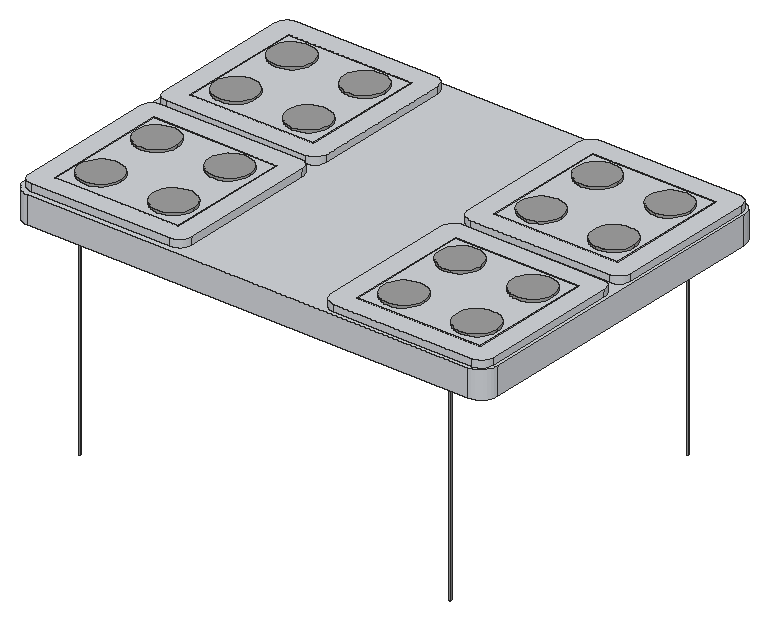
Revit family "Lighting-Industriale-GEWISS-SMART[4]HE_APPARECCHI-LED_4M_DALI", category Apparecchi per illuminazione, Revit 2019
Family settings
  Quota connettore circolare = Usa diametro
  Tipo di parte = Normale
  Numero OmniClass = 23.80.70.00
  Titolo OmniClass = Lighting
  Basato su piano di lavoro = Sì
  Sempre verticale = No
  Taglio con vuoti quando caricato = No
  Sorgente d'illuminazione = No
  Condiviso = No
  Punto di calcolo locali = No
Parameters (values of type "GWS4423AQ857 - SMART4HB 4M C.PAS.DALI ELL.57K")
  Voltaggio = 230 V
  Viti esterne = "Acciaio inox"
  Versione file RFA = "20.11"
  Vano di alimentazione = "Integrato"
  URL = "https://www.gewiss.com/it/it"
  Tolleranza cromatica = "SDCM = 3"
  Tipologia sorgente luminosa = "LED - Non sostituibile"
  Tipo di installazione e montaggio = "Plafone - Parete - Sospensione"
  Tipo di apparecchio = "Riflettore industriale a LED&nbsp;"
  Tensione di alimentazione = "220 - 240 V"
  Temperatura di stoccaggio = "-40 +70 °C"
  Temperatura di esercizio = "-30°C ÷ +50 °C"
  Temperatura di colore = "5700K"
  Superficie massima esposta al vento : = "0,350 m²"
  Spostamento_y_etichetta [instance] = 0 mm
  Spostamento_y_effettivo_etichetta [instance] = 1500 mm - Spostamento_y_etichetta  # 1500 mm
  Spostamento_x_etichetta [instance] = 0 mm
  Spostamento_x_effettivo_etichetta [instance] = 1500 mm - Spostamento_x_etichetta  # 1500 mm
  SostituibilitÃ  piastra di cablaggio = "Non sostituibile"
  SostituibilitÃ  gruppo ottico = "Non sostituibile"
  Sistema di controllo : = "DALI"
  Sistema di controllo = "1 x DALI DT6"
  Schermo = "Vetro Temprato Spessore 4mm"
  Scheda Tecnica = "https://www.gewiss.com/it/it/search?q=GWS4423AQ857"
  SEO = "High bay"
  Resistenza al filo incandescente = "850 °C"
  Resistenza agli urti = "IK08"
  Produttore = "GEWISS S.p.A."
  Potenza di sistema = "189W"
  Peso (kg): = "13,5"
  Ottica = "Ellittica"
  Offset etichetta W [instance] = 150 mm
  Norma di riferimento = "EN 60598-1 ; EN 60598-2-1 ; EN 60598-2-24"
  Modello = "GWS4423AQ857"
  Materiali = "-"
  Lumen output (lm) = "25100"
  Lampada = "LED"
  Installazione e manutenzione = "-"
  Informazioni generali = "-"
  Indice di resa cromatica = "CRI-80"
  Inclinazione = "Con accessorio staffa"
  Immagine tipo = GWL1371.jpg
  IPEA = "-"
  IFC.TypeObject = ""
  IFC.ExportType = ""
  IFC.ExportAs = ""
  IDT = "a901a3df6c4a4f48b998655520b49dfe"
  IDF = "714807ad-973c-443e-97dc-ae7f07b51596"
  Guarnizioni = "tipo siliconico antinvecchiamento "
  Gruppo ottico = "Riflettore in PC metallizzato e lenti in PMMA"
  Grado di protezione = "IP66"
  Garanzia = "5 anni"
  Gancio di chiusura = "-"
  Frequenza nominale (Hz) = "50/60 Hz"
  Fissaggio = "-"
  Finitura colore = "Grigio RAL 7035"
  Etichetta wattaggio [instance] = yes
  Spessore plafoniera = 40 mm  # constant formula
  Default Elevation = 1219.2 mm
  Proiettsmart4_simb [instance] = yes
  Plafoniera_bidimensionale [instance] = not(Proiettsmart4_simb)  # no
  Efficienza luminosa (lm/W) = "133"
  Durata di vita = "L90B10 (Tq+25°C) = 100.000 h - L90B10 (Tq+50°C) = 50.000 h"
  Dispositivo di protezione = "DM 6 kV / CM 10 kV"
  Descrizione = "SMART[4]HB 4M C.PAS.DALI ELL.57K"
  Creato da GEWISS S.p.A. = ""
  Corpo = "PA6 “Halogen Free” caricato fibra vetro"
  Controllo abbagliamento e luminanza = "-"
  Contesto = "Illuminazione di industrie e impianti sportivi di grandi dimensioni"
  Commenti sul wattaggio = "194W"
  Colore = "Grigio RAL 7035"
  Codice digitale univoco (Datamatrix) = "Datamatrix"
  Codice Electrocod = "2444"
  Classificazione: = "-"
  Classificazione = Lighting
  Classe isolamento = "I"
  Classe fotobiologica = "RG0"
  Certificazioni e classificazioni = "-"
  Certificazione DIN 18032-3 = "Con Staffa - Kit Funi + morsetto (in approvazione)"
  Catalogo = "LIGHTING"
  Carico apparente = 194 VA
  Lunghezza = 700 mm  # constant formula
  Larghezza = 504 mm  # constant formula
  Distanza_tot_plafoniera [instance] = 300 mm
  Distanza Sorg_Lum = 21.458 mm
  Caratteristiche ottiche e illuminotecniche = "-"
  Caratteristiche elettriche e gestione della luce = "-"
  Cablaggio = "Con connettore stagno Gw connect"
  COBie.Tagnumber = ""
  COBie.CreatedOn = ""
  COBie.CreatebBy = ""
  COBie.ComponentRegisterItemID = ""
  COBie.Component.TagNumber = ""
  COBie.Component.Space = ""
  COBie.Component.SerialNumber = ""
  COBie.Component.InstallationDate = ""
  COBie.Component.Description = ""
  COBie.Component.BarCode = ""
  Applicazione = "Interno"
  Apparecchio a ridotta temperatura superficiale = "Si"
  Alimentatore = "Incluso"
Types (36, lengths in mm): name | Temperatura di colore | Scheda Tecnica | SEO | Ottica | Modello | Lumen output (lm) | IDT | Gruppo ottico | Efficienza luminosa (lm/W) | Descrizione | Controllo abbagliamento e luminanza
  GWS4421AA830 - SMART4HB 4M ST.AL.DALI ARR.30K | "3000K" | "https://www.gewiss.com/it/it/search?q=GWS4421AA830" | "" | "Array" | "GWS4421AA830" | "26700" | "5c6ac801e4314d2d87bb32344bb936b5" | "Riflettore in PC metallizzato" | "141" | "SMART[4]HB 4M ST.AL.DALI ARR.30K" | "UGR - 25"
  GWS4421AA840 - SMART4HB 4M ST.AL.DALI ARR.40K | "4000K" | "https://www.gewiss.com/it/it/search?q=GWS4421AA840" | "" | "Array" | "GWS4421AA840" | "28000" | "566d685c94ee41f982ee1a86fad20bf9" | "Riflettore in PC metallizzato" | "148" | "SMART[4]HB 4M ST.AL.DALI ARR.40K" | "UGR - 25"
  GWS4421AA857 - SMART4HB 4M ST.AL.DALI ARR.57K | "5700K" | "https://www.gewiss.com/it/it/search?q=GWS4421AA857" | "" | "Array" | "GWS4421AA857" | "28000" | "f068347c78c64f38b35a76a95ca626a0" | "Riflettore in PC metallizzato" | "148" | "SMART[4]HB 4M ST.AL.DALI ARR.57K" | "UGR - 25"
  GWS4421AC830 - SMART4HB 4M ST.AL.DALI ASI.30K | "3000K" | "https://www.gewiss.com/it/it/search?q=GWS4421AC830" | "High bay" | "Asimmetrica" | "GWS4421AC830" | "23900" | "90a07f7d9a5f463594086a9afb64cc77" | "Riflettore in PC metallizzato e lenti in PMMA" | "126" | "SMART[4]HB 4M ST.AL.DALI ASI.30K" | "-"
  GWS4421AC840 - SMART4HB 4M ST.AL.DALI ASI.40K | "4000K" | "https://www.gewiss.com/it/it/search?q=GWS4421AC840" | "High bay" | "Asimmetrica" | "GWS4421AC840" | "25100" | "f00aa06f4c1740c99a3ac02e964546b2" | "Riflettore in PC metallizzato e lenti in PMMA" | "133" | "SMART[4]HB 4M ST.AL.DALI ASI.40K" | "-"
  GWS4421AC857 - SMART4HB 4M ST.AL.DALI ASI.57K | "5700K" | "https://www.gewiss.com/it/it/search?q=GWS4421AC857" | "High bay" | "Asimmetrica" | "GWS4421AC857" | "25100" | "5ab9f7a7822e4cddade8824e428cadeb" | "Riflettore in PC metallizzato e lenti in PMMA" | "133" | "SMART[4]HB 4M ST.AL.DALI ASI.57K" | "-"
  GWS4421AF830 - SMART4HB 4M ST.AL.DALI 30° 30K | "3000K" | "https://www.gewiss.com/it/it/search?q=GWS4421AF830" | "" | "30°" | "GWS4421AF830" | "26400" | "70552156a2fb41ecb6be687fb4c91c5e" | "Riflettore in PC metallizzato e lenti in PMMA" | "140" | "SMART[4]HB 4M ST.AL.DALI 30° 30K" | "UGR - 19"
  GWS4421AF840 - SMART4HB 4M ST.AL.DALI 30° 40K | "4000K" | "https://www.gewiss.com/it/it/search?q=GWS4421AF840" | "" | "30°" | "GWS4421AF840" | "27700" | "6d69cfa17c544f52b55d7719815dbec1" | "Riflettore in PC metallizzato e lenti in PMMA" | "147" | "SMART[4]HB 4M ST.AL.DALI 30° 40K" | "UGR - 19"
  GWS4421AF857 - SMART4HB 4M ST.AL.DALI 30° 57K | "5700K" | "https://www.gewiss.com/it/it/search?q=GWS4421AF857" | "" | "30°" | "GWS4421AF857" | "27700" | "01dd56300fa54964bfd10e029400f23b" | "Riflettore in PC metallizzato e lenti in PMMA" | "147" | "SMART[4]HB 4M ST.AL.DALI 30° 57K" | "UGR - 19"
  GWS4421AH830 - SMART4HB 4M ST.AL.DALI 60° 30K | "3000K" | "https://www.gewiss.com/it/it/search?q=GWS4421AH830" | "" | "60°" | "GWS4421AH830" | "26800" | "6918dc99910c45208a1cead40b210aa6" | "Riflettore in PC metallizzato e lenti in PMMA" | "142" | "SMART[4]HB 4M ST.AL.DALI 60° 30K" | "UGR - 19"
  GWS4421AH840 - SMART4HB 4M ST.AL.DALI 60° 40K | "4000K" | "https://www.gewiss.com/it/it/search?q=GWS4421AH840" | "" | "60°" | "GWS4421AH840" | "28100" | "c46c55da2e7c401580aacc0ec8c700ac" | "Riflettore in PC metallizzato e lenti in PMMA" | "149" | "SMART[4]HB 4M ST.AL.DALI 60° 40K" | "UGR - 19"
  GWS4421AH857 - SMART4HB 4M ST.AL.DALI 60° 57K | "5700K" | "https://www.gewiss.com/it/it/search?q=GWS4421AH857" | "" | "60°" | "GWS4421AH857" | "28100" | "382f5edfbc6a4d2ea175d9e7d5ad1919" | "Riflettore in PC metallizzato e lenti in PMMA" | "149" | "SMART[4]HB 4M ST.AL.DALI 60° 57K" | "UGR - 19"
  GWS4421AP830 - SMART4HB 4M ST.AL.DALI 90° 30K | "3000K" | "https://www.gewiss.com/it/it/search?q=GWS4421AP830" | "" | "90°" | "GWS4421AP830" | "27000" | "e3c215b605394f86a154b0f20a53acc3" | "Riflettore in PC metallizzato e lenti in PMMA" | "143" | "SMART[4]HB 4M ST.AL.DALI 90° 30K" | "UGR - 22"
  GWS4421AP840 - SMART4HB 4M ST.AL.DALI 90° 40K | "4000K" | "https://www.gewiss.com/it/it/search?q=GWS4421AP840" | "" | "90°" | "GWS4421AP840" | "28300" | "2403b28063c14de29e8379ad586fb901" | "Riflettore in PC metallizzato e lenti in PMMA" | "150" | "SMART[4]HB 4M ST.AL.DALI 90° 40K" | "UGR - 22"
  GWS4421AP857 - SMART4HB 4M ST.AL.DALI 90° 57K | "5700K" | "https://www.gewiss.com/it/it/search?q=GWS4421AP857" | "" | "90°" | "GWS4421AP857" | "28300" | "aba6bb16347b4967a09046dc5c2d209f" | "Riflettore in PC metallizzato e lenti in PMMA" | "150" | "SMART[4]HB 4M ST.AL.DALI 90° 57K" | "UGR - 22"
  GWS4421AQ830 - SMART4HB 4M ST.AL.DALI ELL.30K | "3000K" | "https://www.gewiss.com/it/it/search?q=GWS4421AQ830" | "High bay" | "Ellittica" | "GWS4421AQ830" | "23900" | "3c588390d9a244caa3f2942bc8b389ee" | "Riflettore in PC metallizzato e lenti in PMMA" | "126" | "SMART[4]HB 4M ST.AL.DALI ELL.30K" | "-"
  GWS4421AQ840 - SMART4HB 4M ST.AL.DALI ELL.40K | "4000K" | "https://www.gewiss.com/it/it/search?q=GWS4421AQ840" | "High bay" | "Ellittica" | "GWS4421AQ840" | "25100" | "69f3c01fa4f94255adf07798c4fbc206" | "Riflettore in PC metallizzato e lenti in PMMA" | "133" | "SMART[4]HB 4M ST.AL.DALI ELL.40K" | "-"
  GWS4421AQ857 - SMART4HB 4M ST.AL.DALI ELL.57K | "5700K" | "https://www.gewiss.com/it/it/search?q=GWS4421AQ857" | "High bay" | "Ellittica" | "GWS4421AQ857" | "25100" | "e517090f74544b6081528aa6823972f8" | "Riflettore in PC metallizzato e lenti in PMMA" | "133" | "SMART[4]HB 4M ST.AL.DALI ELL.57K" | "-"
  GWS4423AA830 - SMART4HB 4M C.PAS.DALI ARR.30K | "3000K" | "https://www.gewiss.com/it/it/search?q=GWS4423AA830" | "" | "Array" | "GWS4423AA830" | "26700" | "67d07da3cd0e4e80994e4571fac127b9" | "Riflettore in PC metallizzato" | "141" | "SMART[4]HB 4M C.PAS.DALI ARR.30K" | "UGR - 25"
  GWS4423AA840 - SMART4HB 4M C.PAS.DALI ARR.40K | "4000K" | "https://www.gewiss.com/it/it/search?q=GWS4423AA840" | "" | "Array" | "GWS4423AA840" | "28000" | "b5a1cb2c2687451bb6c5bb6bbf80a5c1" | "Riflettore in PC metallizzato" | "148" | "SMART[4]HB 4M C.PAS.DALI ARR.40K" | "UGR - 25"
  GWS4423AA857 - SMART4HB 4M C.PAS.DALI ARR.57K | "5700K" | "https://www.gewiss.com/it/it/search?q=GWS4423AA857" | "" | "Array" | "GWS4423AA857" | "28000" | "b2924069e35e4267b12e9107f48e70ff" | "Riflettore in PC metallizzato" | "148" | "SMART[4]HB 4M C.PAS.DALI ARR.57K" | "UGR - 25"
  GWS4423AC830 - SMART4HB 4M C.PAS.DALI ASI.30K | "3000K" | "https://www.gewiss.com/it/it/search?q=GWS4423AC830" | "High bay" | "Asimmetrica" | "GWS4423AC830" | "23900" | "87e7caad6b534d57820d4cc3263a9d57" | "Riflettore in PC metallizzato e lenti in PMMA" | "126" | "SMART[4]HB 4M C.PAS.DALI ASI.30K" | "-"
  GWS4423AC840 - SMART4HB 4M C.PAS.DALI ASI.40K | "4000K" | "https://www.gewiss.com/it/it/search?q=GWS4423AC840" | "High bay" | "Asimmetrica" | "GWS4423AC840" | "25100" | "0de8722eb8df4029869c17b12a371d33" | "Riflettore in PC metallizzato e lenti in PMMA" | "133" | "SMART[4]HB 4M C.PAS.DALI ASI.40K" | "-"
  GWS4423AC857 - SMART4HB 4M C.PAS.DALI ASI.57K | "5700K" | "https://www.gewiss.com/it/it/search?q=GWS4423AC857" | "High bay" | "Asimmetrica" | "GWS4423AC857" | "25100" | "8d4fcf28af3942d8be3789358b29e602" | "Riflettore in PC metallizzato e lenti in PMMA" | "133" | "SMART[4]HB 4M C.PAS.DALI ASI.57K" | "-"
  GWS4423AF830 - SMART4HB 4M C.PAS.DALI 30° 30K | "3000K" | "https://www.gewiss.com/it/it/search?q=GWS4423AF830" | "" | "30°" | "GWS4423AF830" | "26400" | "a10a38d19e2b446a82ca951a0f45aae4" | "Riflettore in PC metallizzato e lenti in PMMA" | "140" | "SMART[4]HB 4M C.PAS.DALI 30° 30K" | "UGR - 19"
  GWS4423AF840 - SMART4HB 4M C.PAS.DALI 30° 40K | "4000K" | "https://www.gewiss.com/it/it/search?q=GWS4423AF840" | "" | "30°" | "GWS4423AF840" | "27700" | "1b08e4f3b94b4ec1a7c46b20d9486d66" | "Riflettore in PC metallizzato e lenti in PMMA" | "147" | "SMART[4]HB 4M C.PAS.DALI 30° 40K" | "UGR - 19"
  GWS4423AF857 - SMART4HB 4M C.PAS.DALI 30° 57K | "5700K" | "https://www.gewiss.com/it/it/search?q=GWS4423AF857" | "" | "30°" | "GWS4423AF857" | "27700" | "50ffa65cb76a4b7a920cb943c781d509" | "Riflettore in PC metallizzato e lenti in PMMA" | "147" | "SMART[4]HB 4M C.PAS.DALI 30° 57K" | "UGR - 19"
  GWS4423AH830 - SMART4HB 4M C.PAS.DALI 60° 30K | "3000K" | "https://www.gewiss.com/it/it/search?q=GWS4423AH830" | "" | "60°" | "GWS4423AH830" | "26800" | "29618502ed654d12bc717609b9d3b962" | "Riflettore in PC metallizzato e lenti in PMMA" | "142" | "SMART[4]HB 4M C.PAS.DALI 60° 30K" | "UGR - 19"
  GWS4423AH840 - SMART4HB 4M C.PAS.DALI 60° 40K | "4000K" | "https://www.gewiss.com/it/it/search?q=GWS4423AH840" | "" | "60°" | "GWS4423AH840" | "28100" | "650a3e011f374b249febb684c8b8b291" | "Riflettore in PC metallizzato e lenti in PMMA" | "149" | "SMART[4]HB 4M C.PAS.DALI 60° 40K" | "UGR - 19"
  GWS4423AH857 - SMART4HB 4M C.PAS.DALI 60° 57K | "5700K" | "https://www.gewiss.com/it/it/search?q=GWS4423AH857" | "" | "60°" | "GWS4423AH857" | "28100" | "e6e22e0db355445f957f4e98b6bb2bde" | "Riflettore in PC metallizzato e lenti in PMMA" | "149" | "SMART[4]HB 4M C.PAS.DALI 60° 57K" | "UGR - 19"
  GWS4423AP830 - SMART4HB 4M C.PAS.DALI 90° 30K | "3000K" | "https://www.gewiss.com/it/it/search?q=GWS4423AP830" | "" | "90°" | "GWS4423AP830" | "27000" | "9c7153243a5f4d468a5243819ee58f52" | "Riflettore in PC metallizzato e lenti in PMMA" | "143" | "SMART[4]HB 4M C.PAS.DALI 90° 30K" | "UGR - 22"
  GWS4423AP840 - SMART4HB 4M C.PAS.DALI 90° 40K | "4000K" | "https://www.gewiss.com/it/it/search?q=GWS4423AP840" | "" | "90°" | "GWS4423AP840" | "28300" | "fe54f268814b4e5b9736c49980309e97" | "Riflettore in PC metallizzato e lenti in PMMA" | "150" | "SMART[4]HB 4M C.PAS.DALI 90° 40K" | "UGR - 22"
  GWS4423AP857 - SMART4HB 4M C.PAS.DALI 90° 57K | "5700K" | "https://www.gewiss.com/it/it/search?q=GWS4423AP857" | "" | "90°" | "GWS4423AP857" | "28300" | "ce82fdc10a914e64a8774922404d38ad" | "Riflettore in PC metallizzato e lenti in PMMA" | "150" | "SMART[4]HB 4M C.PAS.DALI 90° 57K" | "UGR - 22"
  GWS4423AQ830 - SMART4HB 4M C.PAS.DALI ELL.30K | "3000K" | "https://www.gewiss.com/it/it/search?q=GWS4423AQ830" | "High bay" | "Ellittica" | "GWS4423AQ830" | "23900" | "ea0690fa382c451b904a788c6a005684" | "Riflettore in PC metallizzato e lenti in PMMA" | "126" | "SMART[4]HB 4M C.PAS.DALI ELL.30K" | "-"
  GWS4423AQ840 - SMART4HB 4M C.PAS.DALI ELL.40K | "4000K" | "https://www.gewiss.com/it/it/search?q=GWS4423AQ840" | "High bay" | "Ellittica" | "GWS4423AQ840" | "25100" | "b7cbc50f20f74c339fe759140e5ddea9" | "Riflettore in PC metallizzato e lenti in PMMA" | "133" | "SMART[4]HB 4M C.PAS.DALI ELL.40K" | "-"
  GWS4423AQ857 - SMART4HB 4M C.PAS.DALI ELL.57K | "5700K" | "https://www.gewiss.com/it/it/search?q=GWS4423AQ857" | "High bay" | "Ellittica" | "GWS4423AQ857" | "25100" | "a901a3df6c4a4f48b998655520b49dfe" | "Riflettore in PC metallizzato e lenti in PMMA" | "133" | "SMART[4]HB 4M C.PAS.DALI ELL.57K" | "-"
Reference planes
  plane 1 "Asse sorgente illuminazione (F/B)": y = 0
  plane 2 "2": z = 0
  plane 3 "Asse sorgente illuminazione (L/R)": x = 0
  plane 4 "Prospetto sorgente di illuminazione": z = 1500
  plane 5: x = -350
  plane 6: y = 252
  plane 7: x = 350
  plane 8: y = -252
  plane 9: x = 345
  plane 10: x = -345
  plane 11: x = -104.5
  plane 12: x = 104.5
  plane 13: y = 0
  plane 14: y = -1500
  plane 15: z = 300
  plane 16: z = 340
  plane 17: z = 350
  plane 18: x = -1500
  plane 19: x = 0
  plane 20: y = 0
Dimensions and locks
  equal spacing: plane 6, plane 1 "Asse sorgente illuminazione (F/B)", plane 8
  "Larghezza": plane 6 to plane 8
  equal spacing: plane 5, plane 3 "Asse sorgente illuminazione (L/R)", plane 7
  "Lunghezza": plane 5 to plane 7
  locked: plane 5 to plane 10 at 5
  locked: plane 9 to plane 7 at 5
  locked: plane 16 to plane 15 at 40
  plane 17 to plane 16 = 10 mm
  "Distanza_tot_plafoniera": plane 15 to plane 2 "2"
  plane 18 to plane 3 "Asse sorgente illuminazione (L/R)" = 1500 mm
  plane 1 "Asse sorgente illuminazione (F/B)" to plane 14 = 1500 mm
  "Spostamento_y_effettivo_etichetta": plane 20 to plane 14
  "Spostamento_x_effettivo_etichetta": plane 18 to plane 19
  aligned and locked: level to plane 2 "2"
  aligned and locked: plane 5 to nested 1
  aligned and locked: plane 6 to nested 1
  aligned and locked: plane 9 to nested 2  (x2)
  aligned and locked: plane 10 to nested 12
  aligned and locked: nested 1 to plane 15
  aligned and locked: nested 17 to plane 16
  aligned and locked: plane 16 to nested 12
  aligned and locked: plane 16 to nested 7
  aligned and locked: nested 2 to plane 16
  aligned and locked: plane 17 to nested 19
  aligned and locked: nested 21 to plane 17
  aligned and locked: plane 17 to nested 16
  aligned and locked: nested 14 to plane 17
  aligned and locked: plane 17 to nested 18
  aligned and locked: nested 20 to plane 17
  aligned and locked: plane 17 to nested 15
  aligned and locked: nested 13 to plane 17
  aligned and locked: nested 8 to plane 17
  aligned and locked: plane 17 to nested 10
  aligned and locked: nested 5 to plane 17
  aligned and locked: plane 17 to nested 3
  aligned and locked: nested 9 to plane 17
  aligned and locked: plane 17 to nested 11
  aligned and locked: nested 6 to plane 17
  aligned and locked: plane 17 to nested 4
  aligned and locked: nested 22 to plane 2 "2"
  aligned and locked: nested 23 to plane 2 "2"
  aligned and locked: nested 24 to plane 2 "2"
  aligned and locked: nested 25 to plane 2 "2"
  aligned and locked: nested 28 to plane 20
  aligned and locked: nested 28 to plane 19
Nested families
  nested 1: "Struttura_SMART 4" at (0, 0, 340), type "SMART 4 HB - 4 x 4L"
  nested 2: "mascherina_SMART (4)" at (225, 127, 350), type "Maschera_smart (4) 4L", detail levels fine
  nested 3: "Gewis - Led" at (172.217, 179, 353), type "Gewis - Led", detail levels medium+fine
  nested 4: "Gewis - Led" at (280, 179, 353), type "Gewis - Led", detail levels medium+fine
  nested 5: "Gewis - Led" at (172.217, 75, 353), type "Gewis - Led", detail levels medium+fine
  nested 6: "Gewis - Led" at (280, 75, 353), type "Gewis - Led", detail levels medium+fine
  nested 7: "mascherina_SMART (4)" at (225, -127, 350), type "Maschera_smart (4) 4L", detail levels fine
  nested 8: "Gewis - Led" at (172.217, -179, 353), type "Gewis - Led", detail levels medium+fine
  nested 9: "Gewis - Led" at (280, -179, 353), type "Gewis - Led", detail levels medium+fine
  nested 10: "Gewis - Led" at (172.217, -75, 353), type "Gewis - Led", detail levels medium+fine
  nested 11: "Gewis - Led" at (280, -75, 353), type "Gewis - Led", detail levels medium+fine
  nested 12: "mascherina_SMART (4)" at (-225, 127, 350) x (-1, 0, 0) z (0, 0, 1), type "Maschera_smart (4) 4L", detail levels fine
  nested 13: "Gewis - Led" at (-172.217, 179, 353) x (-1, 0, 0) z (0, 0, 1), type "Gewis - Led", detail levels medium+fine
  nested 14: "Gewis - Led" at (-280, 179, 353) x (-1, 0, 0) z (0, 0, 1), type "Gewis - Led", detail levels medium+fine
  nested 15: "Gewis - Led" at (-172.217, 75, 353) x (-1, 0, 0) z (0, 0, 1), type "Gewis - Led", detail levels medium+fine
  nested 16: "Gewis - Led" at (-280, 75, 353) x (-1, 0, 0) z (0, 0, 1), type "Gewis - Led", detail levels medium+fine
  nested 17: "mascherina_SMART (4)" at (-225, -123, 350) x (-1, 0, 0) z (0, 0, 1), type "Maschera_smart (4) 4L", detail levels fine
  nested 18: "Gewis - Led" at (-172.217, -175, 353) x (-1, 0, 0) z (0, 0, 1), type "Gewis - Led", detail levels medium+fine
  nested 19: "Gewis - Led" at (-280, -175, 353) x (-1, 0, 0) z (0, 0, 1), type "Gewis - Led", detail levels medium+fine
  nested 20: "Gewis - Led" at (-172.217, -71, 353) x (-1, 0, 0) z (0, 0, 1), type "Gewis - Led", detail levels medium+fine
  nested 21: "Gewis - Led" at (-280, -71, 353) x (-1, 0, 0) z (0, 0, 1), type "Gewis - Led", detail levels medium+fine
  nested 22: "Sospensione_ SMART LAB 4" at (274.338, -220.687, 0), Altezza sospensione <- "Distanza_tot_plafoniera", type "Sospensione_ SMART LAB 4"
    with Altezza sospensione 300 mm
  nested 23: "Sospensione_ SMART LAB 4" at (274.338, 219.313, 0), Altezza sospensione <- "Distanza_tot_plafoniera", type "Sospensione_ SMART LAB 4"
    with Altezza sospensione 300 mm
  nested 24: "Sospensione_ SMART LAB 4" at (-274.338, -220.687, 0), Altezza sospensione <- "Distanza_tot_plafoniera", type "Sospensione_ SMART LAB 4"
    with Altezza sospensione 300 mm
  nested 25: "Sospensione_ SMART LAB 4" at (-274.338, 219.313, 0), Altezza sospensione <- "Distanza_tot_plafoniera", type "Sospensione_ SMART LAB 4"
    with Altezza sospensione 300 mm
  nested 26: "Rappr_ bidimensionale" at (0, 0, 0), visible <- "Plafoniera_bidimensionale", type "4 X4 LED"
  nested 27: "PROIETTSMART - 4" at (0, 0, 0), visible <- "Proiettsmart4_simb", type "PROIETTSMART - 4"
  nested 28: "ETICHETTA LIGHT" at (0, 0, 0), type "ETICHETTA LIGHT"
Connectors
  electrical at (0.009, -0.098, 300), driven by "Classificazione", driven by "Carico apparente"
    settings: on nested 1, index 1, voltage 230 V, apparent load 0 VA, apparent load phase1 194 VA, apparent load phase2 0 VA, apparent load phase3 0 VA, power factor 1, load classification "Lighting", number of poles 2, system type 31, power factor state 1, is connector primary yes, connector utility no, sub classification motor no, connector description ""
Definition of nested family "Struttura_SMART 4"
  Parameters (values of type "SMART 4 HB - 4 x 4L")
    Struttura plafoniera = none
    Spessore_plafoniera = 40 mm
    Lunghezza = 700 mm
    Larghezza = 504 mm
  Types (2, lengths in mm): name | Lunghezza | Larghezza
    SMART 4 HB - 4+4L | 699 | 254
    SMART 4 HB - 4 x 4L | 700 | 504
  Reference planes
    plane 1 "Asse sorgente illuminazione (F/B)": y = 0
    plane 2: z = 0
    plane 3 "Asse sorgente illuminazione (L/R)": x = 0
    plane 4 "Prospetto sorgente di illuminazione": z = -40
    plane 5 "SX": x = -350
    plane 6 "DX": x = 350
    plane 7 "DIETRO": y = 252
    plane 8 "AVANTI": y = -252
    plane 9: x = 107
    plane 10: x = 339
    plane 11: y = -241
    plane 12: y = 241
    plane 13: x = -339
    plane 14: x = -107
  Forms (mm)
    Extrusion 1, solid, material <- "Struttura plafoniera"
      sketch origin (0, 0, 0) x (1, 0, 0) y (0, 1, 0)
        loop
          line (350, -227.595) -> (350, 227.59)
          arc (350, 227.59) -> (342.85, 244.85) -> (325.59, 252) r 24.41
          line (325.59, 252) -> (-325.509, 252)
          arc (-325.509, 252) -> (-343.054, 244.6) -> (-350, 226.871) r 24.499
          line (-350, 226.871) -> (-350, -227.592)
          arc (-350, -227.592) -> (-342.851, -244.851) -> (-325.592, -252) r 24.408
          line (-325.592, -252) -> (325.617, -252)
          arc (325.617, -252) -> (342.834, -244.868) -> (349.965, -227.652) r 24.348
      from -40 to 0
  Dimensions and locks
    equal spacing: plane 5 "SX", plane 3 "Asse sorgente illuminazione (L/R)", plane 6 "DX"
    equal spacing: plane 7 "DIETRO", plane 1 "Asse sorgente illuminazione (F/B)", plane 8 "AVANTI"
    "Lunghezza": plane 5 "SX" to plane 6 "DX"
    "Larghezza": plane 7 "DIETRO" to plane 8 "AVANTI"
    locked: plane 7 "DIETRO" to plane 12 at 11
    locked: plane 11 to plane 8 "AVANTI" at 11
    locked: plane 10 to plane 6 "DX" at 11
    locked: plane 9 to plane 10 at 232
    plane 13 to plane 14 = 232 mm
    locked: plane 5 "SX" to plane 13 at 11
    "Spessore_plafoniera": plane 2 to plane 4 "Prospetto sorgente di illuminazione"
    aligned and locked: level to plane 2
    aligned and locked: Extrusion 1 to plane 5 "SX"
    aligned and locked: Extrusion 1 to plane 8 "AVANTI"  (x2)
    aligned and locked: plane 7 "DIETRO" to Extrusion 1
    aligned and locked: plane 6 "DX" to Extrusion 1
    aligned and locked: plane 4 "Prospetto sorgente di illuminazione" to Extrusion 1
    aligned and locked: plane 2 to Extrusion 1
  Automatic sketch dimensions
    Extrusion 1 sketch curve to plane 5 "SX" = 0 mm
    Extrusion 1 sketch curve to plane 8 "AVANTI" = 0 mm
    Extrusion 1 sketch curve to plane 7 "DIETRO" = 0 mm
    Extrusion 1 sketch curve to plane 6 "DX" = 0 mm
    plane 13 to Extrusion 1 sketch curve = 13.408 mm
    plane 13 to Extrusion 1 sketch curve = 13.491 mm
    Extrusion 1 sketch curve to plane 10 = 13.41 mm
    Extrusion 1 sketch curve to plane 10 = 13.383 mm
    plane 11 to Extrusion 1 sketch curve = 13.348 mm
    Extrusion 1 sketch curve to plane 12 = 14.129 mm
    Extrusion 1 sketch curve to Extrusion 1 sketch curve = 0.056 mm
Definition of nested family "mascherina_SMART (4)"
  Parameters (values of type "Maschera_smart (4) 4L")
    Spessore_mascherina = 10 mm
    Default Elevation = 1219.2 mm
    N.intarsi = (Lunghezza_mascherina - (Bordo * 2)) / 15 mm  # 12
    N._intarsi verticale = (Larghezza_mascherina - (Bordo * 2)) / 17 mm  # 11
    Mascherina = none
    Lunghezza_mascherina = 240 mm
    Larghezza_mascherina = 240 mm
    Distanza_intarsi v. = 41 mm  # constant formula
    Distanza_intarsi = 37 mm  # constant formula
    Bordo = 29 mm
  Reference planes
    plane 1 "Centro (Fronte/Retro)": y = 0
    plane 2: z = 0
    plane 3 "Centro (Sinistra/Destra)": x = 0
    plane 4: x = -120
    plane 5 "Dietro": y = 120
    plane 6: x = 120
    plane 7: y = -120
    plane 8: x = -91
    plane 9: y = -91
    plane 10: x = 91
    plane 11: y = 91
    plane 12: x = -83
    plane 13: y = 94.742
    plane 14: y = -95
    plane 15: z = -10
    plane 16: x = -95
    plane 17: y = 79
    plane 18: y = -79
    plane 19: x = 95
    plane 20: z = -4.799
  Forms (mm)
    Extrusion 1, solid, material <- "Mascherina"
      sketch origin (0, 0, 0) x (1, 0, 0) y (0, 1, 0)
        loop
          arc (-102.5, 120) -> (-114.874, 114.874) -> (-120, 102.5) r 17.5
          line (-120, 102.5) -> (-120, -102.5)
          arc (-120, -102.5) -> (-114.874, -114.874) -> (-102.5, -120) r 17.5
          line (-102.5, -120) -> (102.5, -120)
          arc (102.5, -120) -> (114.874, -114.874) -> (120, -102.5) r 17.5
          line (120, -102.5) -> (120, 102.5)
          arc (120, 102.5) -> (114.874, 114.874) -> (102.5, 120) r 17.5
          line (102.5, 120) -> (-102.5, 120)
        loop
          line (-91, 91) -> (-91, -91) -> (91, -91) -> (91, 91) -> (-91, 91)
      from -10 to 0
    Extrusion 2, solid, material <- "Mascherina"
      sketch origin (0, 0, 0) x (1, 0, 0) y (0, 1, 0)
        loop
          line (-91, 91) -> (-91, -91) -> (91, -91) -> (91, 91) -> (-91, 91)
      from -4.799 to 0
  Dimensions and locks
    equal spacing: plane 4, plane 3 "Centro (Sinistra/Destra)", plane 6
    "Lunghezza_mascherina": plane 4 to plane 6
    equal spacing: plane 5 "Dietro", plane 1 "Centro (Fronte/Retro)", plane 7
    "Larghezza_mascherina": plane 5 "Dietro" to plane 7
    "Bordo": plane 4 to plane 8
    "Bordo": plane 9 to plane 7
    "Bordo": plane 5 "Dietro" to plane 11
    "Bordo": plane 10 to plane 6
    "Distanza_intarsi": plane 4 to plane 12
    locked: plane 13 to plane 11 at 3.742
    "Spessore_mascherina": plane 2 to plane 15
    "Distanza_intarsi v.": plane 5 "Dietro" to plane 17
    "Distanza_intarsi v.": plane 18 to plane 7
    locked: plane 9 to plane 14 at 4
    locked: plane 16 to plane 8 at 4
    locked: plane 10 to plane 19 at 4
    locked: plane 2 to plane 20 at 4.799
    radius of Extrusion 1 sketch curve = 17.5 mm  (x4)
    aligned and locked: level to plane 2
    aligned and locked: plane 4 to Extrusion 1 sketch curve
    aligned and locked: plane 6 to Extrusion 1 sketch curve
    aligned and locked: Extrusion 1 sketch curve to plane 5 "Dietro"
    aligned and locked: Extrusion 1 sketch curve to plane 7
    aligned and locked: Extrusion 1 sketch curve to plane 11
    aligned and locked: plane 8 to Extrusion 1 sketch curve
    aligned and locked: plane 9 to Extrusion 1 sketch curve
    aligned and locked: Extrusion 1 sketch curve to plane 10
    aligned and locked: plane 2 to Extrusion 1
    aligned and locked: Extrusion 1 to plane 15
    aligned and locked: Extrusion 2 sketch curve to plane 10
    aligned and locked: plane 9 to Extrusion 2 sketch curve
    aligned and locked: plane 8 to Extrusion 2 sketch curve
    aligned and locked: Extrusion 2 sketch curve to plane 11
    aligned and locked: plane 2 to Extrusion 2
    aligned and locked: Extrusion 2 to plane 20
Definition of nested family "Gewis - Led"
  Parameters (values of type "Gewis - Led")
    Vetro = none
    Raggio led = 30 mm
    Default Elevation = 1219.2 mm
    Estensione vetro = 3 mm
  Reference planes
    plane 1 "Centro (Fronte/Retro)": y = 0
    plane 2: z = 0
    plane 3 "Centro (Sinistra/Destra)": x = 0
  Forms (mm)
    Extrusion 1, solid, material <- "Vetro"
      sketch origin (0, 0, 0) x (1, 0, 0) y (0, 1, 0)
        loop
          circle (0, 0) r 30
      from -3 to 0
  Dimensions and locks
    "Estensione vetro": level to Extrusion 1
    "Raggio led": radius of Extrusion 1 sketch curve
    aligned and locked: level to plane 2
    aligned and locked: level to Extrusion 1
  Automatic sketch dimensions
    plane 1 "Centro (Fronte/Retro)" to Extrusion 1 sketch curve = 0 mm
    Extrusion 1 sketch curve to plane 3 "Centro (Sinistra/Destra)" = 0 mm
Definition of nested family "Sospensione_ SMART LAB 4"
  Parameters (values of type "Sospensione_ SMART LAB 4")
    Default Elevation = 1219.2 mm
    Altezza sospensione [instance] = 500 mm
  Reference planes
    plane 1 "Center (Front/Back)": y = 0
    plane 2: z = 0
    plane 3 "Center (Left/Right)": x = 0
    plane 4: z = 500
  Forms (mm)
    Extrusion 1, solid
      sketch origin (0, 0, 0) x (1, 0, 0) y (0, 1, 0)
        loop
          circle (0, -0.028) r 1.25
      from 0 to 500
  Lines and regions (mm)
    model lines, not visible
      curve 1: line (0, 0, 0) -> (0, 0, 9.482)
  Dimensions and locks
    "Altezza sospensione": plane 4 to level
    plane 4 to plane 2 = 500 mm
    aligned and locked: level to plane 2
    aligned and locked: plane 4 to Extrusion 1
    aligned and locked: Extrusion 1 to plane 2
  Automatic sketch dimensions
    Extrusion 1 sketch curve to plane 3 "Center (Left/Right)" = 0 mm
    plane 1 "Center (Front/Back)" to Extrusion 1 sketch curve = 0.028 mm
    curve 1 to plane 3 "Center (Left/Right)" = 0 mm
    curve 1 to level = 0 mm
    curve 1 to curve 1 = 9.482 mm
    radius of Extrusion 1 sketch curve = 1.25 mm
Definition of nested family "Rappr_ bidimensionale"
  Parameters (values of type "4 X4 LED")
    5 LED = no
    4 LED = not([5 LED])  # yes
  Reference planes
    plane 1 "Centro (Fronte/Retro)": y = 0
    plane 2: z = 0
    plane 3 "Centro (Sinistra/Destra)": x = 0
  Lines and regions (mm)
    model lines, in view "Livello rif.", visible <- "4 LED"
      curve 1: circle (176.124, 171.566, 0) r 28.619 normal (0, 0, 1)
      curve 2: circle (270.124, 77.566, 0) r 28.619 normal (0, 0, 1)
      curve 3: circle (176.124, 77.566, 0) r 28.619 normal (0, 0, 1)
      curve 4: circle (270.124, 171.566, 0) r 28.619 normal (0, 0, 1)
      curve 5: circle (-175.025, 77.434, 0) r 28.619 normal (0, 0, 1)
      curve 6: circle (-269.025, 171.434, 0) r 28.619 normal (0, 0, 1)
      curve 7: circle (-175.025, 171.434, 0) r 28.619 normal (0, 0, 1)
      curve 8: circle (-269.025, 77.434, 0) r 28.619 normal (0, 0, 1)
      curve 9: circle (-175.025, -171.611, 0) r 28.619 normal (0, 0, 1)
      curve 10: circle (-269.025, -77.611, 0) r 28.619 normal (0, 0, 1)
      curve 11: circle (-175.025, -77.611, 0) r 28.619 normal (0, 0, 1)
      curve 12: circle (-269.025, -171.611, 0) r 28.619 normal (0, 0, 1)
      curve 13: circle (176.124, -77.434, 0) r 28.619 normal (0, 0, 1)
      curve 14: circle (270.124, -171.434, 0) r 28.619 normal (0, 0, 1)
      curve 15: circle (176.124, -171.434, 0) r 28.619 normal (0, 0, 1)
      curve 16: circle (270.124, -77.434, 0) r 28.619 normal (0, 0, 1)
    model lines, in view "Livello rif."
      curve 17: arc (-326.07, 251.865, 0) -> (-342.562, 245.006, 0) -> (-349.39, 228.5, 0) r 23.365
      curve 18: arc (350.489, 228.546, 0) -> (343.613, 245.054, 0) -> (327.079, 251.865, 0) r 23.365
      curve 19: arc (327.098, -251.865, 0) -> (343.653, -245.015, 0) -> (350.489, -228.454, 0) r 23.365
      curve 20: arc (-349.39, -228.5, 0) -> (-342.555, -245.013, 0) -> (-326.05, -251.865, 0) r 23.365
      curve 21: arc (-102.728, -20.5, 0) -> (-107.214, -9.678, 0) -> (-118.041, -5.203, 0) r 15.297
      curve 22: arc (-118.041, 5.203, 0) -> (-107.214, 9.678, 0) -> (-102.728, 20.5, 0) r 15.297
      curve 23: arc (-118.041, -243.797, 0) -> (-107.214, -239.322, 0) -> (-102.728, -228.5, 0) r 15.297
      curve 24: arc (327.107, 5.203, 0) -> (337.947, 9.69, 0) -> (342.421, 20.535, 0) r 15.297
      curve 25: arc (103.827, 20.465, 0) -> (108.314, 9.677, 0) -> (119.107, 5.203, 0) r 15.297
      curve 26: arc (119.089, 243.797, 0) -> (108.308, 239.316, 0) -> (103.827, 228.535, 0) r 15.297
      curve 27: arc (342.421, 228.535, 0) -> (337.916, 239.341, 0) -> (327.089, 243.797, 0) r 15.297
      curve 28: arc (-341.321, 20.535, 0) -> (-336.859, 9.702, 0) -> (-326.041, 5.203, 0) r 15.297
      curve 29: arc (-326.059, 243.797, 0) -> (-336.865, 239.292, 0) -> (-341.321, 228.465, 0) r 15.297
      curve 30: arc (-102.728, 228.5, 0) -> (-107.22, 239.329, 0) -> (-118.059, 243.797, 0) r 15.297
      curve 31: arc (342.421, -20.465, 0) -> (337.922, -9.666, 0) -> (327.107, -5.203, 0) r 15.297
      curve 32: arc (327.107, -243.797, 0) -> (337.947, -239.31, 0) -> (342.421, -228.465, 0) r 15.297
      curve 33: arc (103.827, -228.535, 0) -> (108.314, -239.323, 0) -> (119.107, -243.797, 0) r 15.297
      curve 34: arc (119.107, -5.203, 0) -> (108.314, -9.677, 0) -> (103.827, -20.465, 0) r 15.297
      curve 35: arc (-341.321, -228.465, 0) -> (-336.859, -239.298, 0) -> (-326.041, -243.797, 0) r 15.297
      curve 36: arc (-326.041, -5.203, 0) -> (-336.859, -9.702, 0) -> (-341.321, -20.535, 0) r 15.297
      curve 37: line (130.624, 32, 0) -> (130.624, 217, 0)
      curve 38: line (130.624, 217, 0) -> (315.624, 217, 0)
      curve 39: line (315.624, 217, 0) -> (315.624, 32, 0)
      curve 40: line (315.624, 32, 0) -> (130.624, 32, 0)
      curve 41: line (-129.525, 32, 0) -> (-314.525, 32, 0)
      curve 42: line (-314.525, 32, 0) -> (-314.525, 217, 0)
      curve 43: line (-314.525, 217, 0) -> (-129.525, 217, 0)
      curve 44: line (-129.525, 217, 0) -> (-129.525, 32, 0)
      curve 45: line (-129.525, -217.045, 0) -> (-314.525, -217.045, 0)
      curve 46: line (-314.525, -217.045, 0) -> (-314.525, -32.045, 0)
      curve 47: line (-314.525, -32.045, 0) -> (-129.525, -32.045, 0)
      curve 48: line (-129.525, -32.045, 0) -> (-129.525, -217.045, 0)
      curve 49: line (130.624, -217, 0) -> (130.624, -32, 0)
      curve 50: line (130.624, -32, 0) -> (315.624, -32, 0)
      curve 51: line (315.624, -32, 0) -> (315.624, -217, 0)
      curve 52: line (315.624, -217, 0) -> (130.624, -217, 0)
      curve 53: line (-349.39, 228.5, 0) -> (-349.39, -228.5, 0)
      curve 54: line (327.079, 251.865, 0) -> (-326.07, 251.865, 0)
      curve 55: line (350.489, -228.454, 0) -> (350.489, 228.546, 0)
      curve 56: line (327.098, -251.865, 0) -> (-326.05, -251.865, 0)
      curve 57: line (-102.728, -228.5, 0) -> (-102.728, -20.5, 0)
      curve 58: line (-326.041, -5.203, 0) -> (-118.041, -5.203, 0)
      curve 59: line (-102.728, 20.5, 0) -> (-102.728, 228.5, 0)
      curve 60: line (-326.041, 5.203, 0) -> (-118.041, 5.203, 0)
      curve 61: line (119.107, 5.203, 0) -> (327.107, 5.203, 0)
      curve 62: line (103.827, 20.465, 0) -> (103.827, 228.535, 0)
      curve 63: line (119.089, 243.797, 0) -> (327.089, 243.797, 0)
      curve 64: line (342.421, 20.535, 0) -> (342.421, 228.535, 0)
      curve 65: line (-341.321, 20.535, 0) -> (-341.321, 228.465, 0)
      curve 66: line (-326.059, 243.797, 0) -> (-118.059, 243.797, 0)
      curve 67: line (119.107, -5.203, 0) -> (327.107, -5.203, 0)
      curve 68: line (342.421, -228.465, 0) -> (342.421, -20.465, 0)
      curve 69: line (119.107, -243.797, 0) -> (327.107, -243.797, 0)
      curve 70: line (103.827, -228.535, 0) -> (103.827, -20.465, 0)
      curve 71: line (-326.041, -243.797, 0) -> (-118.041, -243.797, 0)
      curve 72: line (-341.321, -228.465, 0) -> (-341.321, -20.535, 0)
    detail lines, in view "Livello rif.", visible <- "5 LED"
      curve 73: circle (-223.979, 122.48, 0) r 28.619 normal (0, 0, 1)
      curve 74: circle (-175.025, 77.434, 0) r 28.619 normal (0, 0, 1)
      curve 75: circle (-269.025, 171.434, 0) r 28.619 normal (0, 0, 1)
      curve 76: circle (-175.025, 171.434, 0) r 28.619 normal (0, 0, 1)
      curve 77: circle (-269.025, 77.434, 0) r 28.619 normal (0, 0, 1)
      curve 78: circle (176.124, 171.566, 0) r 28.619 normal (0, 0, 1)
      curve 79: circle (270.124, 77.566, 0) r 28.619 normal (0, 0, 1)
      curve 80: circle (176.124, 77.566, 0) r 28.619 normal (0, 0, 1)
      curve 81: circle (270.124, 171.566, 0) r 28.619 normal (0, 0, 1)
      curve 82: circle (-175.025, -171.611, 0) r 28.619 normal (0, 0, 1)
      curve 83: circle (-269.025, -77.611, 0) r 28.619 normal (0, 0, 1)
      curve 84: circle (-175.025, -77.611, 0) r 28.619 normal (0, 0, 1)
      curve 85: circle (-269.025, -171.611, 0) r 28.619 normal (0, 0, 1)
      curve 86: circle (176.124, -77.434, 0) r 28.619 normal (0, 0, 1)
      curve 87: circle (270.124, -171.434, 0) r 28.619 normal (0, 0, 1)
      curve 88: circle (176.124, -171.434, 0) r 28.619 normal (0, 0, 1)
      curve 89: circle (270.124, -77.434, 0) r 28.619 normal (0, 0, 1)
      curve 90: circle (-221.479, -125.02, 0) r 28.619 normal (0, 0, 1)
      curve 91: circle (221.694, -125.02, 0) r 28.619 normal (0, 0, 1)
      curve 92: circle (221.694, 124.956, 0) r 28.619 normal (0, 0, 1)
Definition of nested family "PROIETTSMART - 4"
  Reference planes
    plane 1 "Centro (Fronte/Retro)": y = 0
    plane 2: z = 0
    plane 3 "Centro (Sinistra/Destra)": x = 0
  Lines and regions (mm)
    model lines, in view "Livello rif."
      curve 1: line (134.982, -122.65, 0) -> (68.521, -89.561, 0)
      curve 2: line (68.521, -89.561, 0) -> (134.982, -56.075, 0)
      curve 3: line (134.982, -56.075, 0) -> (134.982, -122.65, 0)
      curve 4: line (68.521, -56.274, 0) -> (68.521, -122.849, 0)
      curve 5: line (68.521, -89.561, 0) -> (29.658, -89.561, 0)
      curve 6: line (134.982, -89.362, 0) -> (163.679, -89.362, 0)
      curve 7: line (198.934, -192.237, 0) -> (-201.066, -192.237, 0)
      curve 8: line (19.872, -13.139, 0) -> (172.718, -13.139, 0)
      curve 9: line (172.718, -13.139, 0) -> (172.718, -165.984, 0)
      curve 10: line (172.718, -165.984, 0) -> (19.872, -165.984, 0)
      curve 11: line (19.872, -165.984, 0) -> (19.872, -13.139, 0)
      curve 12: line (-59.74, -122.65, 0) -> (-126.201, -89.561, 0)
      curve 13: line (-126.201, -89.561, 0) -> (-59.74, -56.075, 0)
      curve 14: line (-59.74, -56.075, 0) -> (-59.74, -122.65, 0)
      curve 15: line (-126.201, -56.274, 0) -> (-126.201, -122.849, 0)
      curve 16: line (-126.201, -89.561, 0) -> (-165.064, -89.561, 0)
      curve 17: line (-59.74, -89.362, 0) -> (-31.043, -89.362, 0)
      curve 18: line (-174.85, -13.139, 0) -> (-22.005, -13.139, 0)
      curve 19: line (-22.005, -13.139, 0) -> (-22.005, -165.984, 0)
      curve 20: line (-22.005, -165.984, 0) -> (-174.85, -165.984, 0)
      curve 21: line (-174.85, -165.984, 0) -> (-174.85, -13.139, 0)
      curve 22: line (134.982, 56.449, 0) -> (68.521, 89.537, 0)
      curve 23: line (68.521, 89.537, 0) -> (134.982, 123.023, 0)
      curve 24: line (134.982, 123.023, 0) -> (134.982, 56.449, 0)
      curve 25: line (68.521, 122.824, 0) -> (68.521, 56.25, 0)
      curve 26: line (68.521, 89.537, 0) -> (29.658, 89.537, 0)
      curve 27: line (134.982, 89.736, 0) -> (163.679, 89.736, 0)
      curve 28: line (19.872, 165.96, 0) -> (172.718, 165.96, 0)
      curve 29: line (172.718, 165.96, 0) -> (172.718, 13.114, 0)
      curve 30: line (172.718, 13.114, 0) -> (19.872, 13.114, 0)
      curve 31: line (19.872, 13.114, 0) -> (19.872, 165.96, 0)
      curve 32: line (198.934, -192.237, 0) -> (198.934, 192.237, 0)
      curve 33: line (198.934, 192.237, 0) -> (-201.066, 192.237, 0)
      curve 34: line (-201.066, 192.237, 0) -> (-201.066, -192.237, 0)
      curve 35: line (-59.74, 56.449, 0) -> (-126.201, 89.537, 0)
      curve 36: line (-126.201, 89.537, 0) -> (-59.74, 123.023, 0)
      curve 37: line (-59.74, 123.023, 0) -> (-59.74, 56.449, 0)
      curve 38: line (-126.201, 122.824, 0) -> (-126.201, 56.25, 0)
      curve 39: line (-126.201, 89.537, 0) -> (-165.064, 89.537, 0)
      curve 40: line (-59.74, 89.736, 0) -> (-31.043, 89.736, 0)
      curve 41: line (-174.85, 165.96, 0) -> (-22.005, 165.96, 0)
      curve 42: line (-22.005, 165.96, 0) -> (-22.005, 13.114, 0)
      curve 43: line (-22.005, 13.114, 0) -> (-174.85, 13.114, 0)
      curve 44: line (-174.85, 13.114, 0) -> (-174.85, 165.96, 0)
Definition of nested family "ETICHETTA LIGHT"
  Parameters (values of type "ETICHETTA LIGHT")
    COMMENTI = "236W"
  Reference planes
    plane 1: y = 0
    plane 2: x = 0
  Text (mm)
    label "COMMENTI" at (-0.057, 0.105, 0), shows "COMMENTI"
